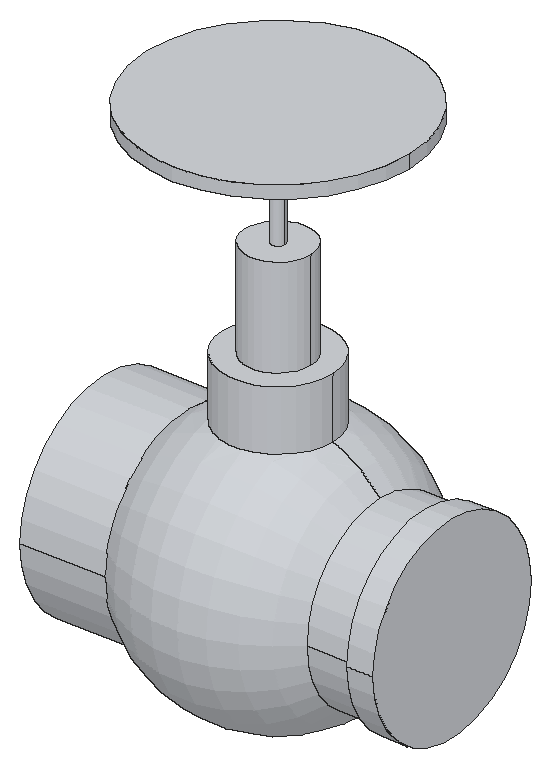
Revit family "M_Conexão da mangueira - Válvula globo", category Equipamento mecânico, Revit 2019
Family settings
  Cota do conector redondo = Usar raio
  Tipo de parte = Normal
  Número OmniClass = 23.65.70.17.11
  Título OmniClass = Fire Fighting Terminal Components
  ID de item do Seek = Hose Connection - Globe Valve-0000-CAN-ENU
  Com base no plano de trabalho = Não
  Sempre na vertical = Sim
  Corte com vazios quando carregada = Não
  Compartilhado = Não
  Ponto de cálculo do ambiente = Não
Parameters (values of type "65 mm")
  Material da válvula = none
  Comprimento da válvula = 168 mm
  Diâmetro externo = Raio externo * 2  # 101.6 mm
  Diâmetro da conexão da mangueira = Raio da conexão da mangueira * 2  # 89 mm
  Diâmetro da maçaneta do registro = Raio da maçaneta do registro * 2  # 127 mm
  Pressão do fluxo [instance] = 0.0 Pa
  Raio da embalagem = Diâmetro da embalagem / 2  # 15.96 mm
  Altura da embalagem = 1.5 * Diâmetro da embalagem  # 47.88 mm
  Diâmetro da embalagem = 0.24 * Diâmetro do corpo  # 31.92 mm
  Comprimento 1 = Comprimento da válvula * 0.5  # 84 mm
  Raio externo = 50.8 mm
  Raio nominal = 32.5 mm
  Diâmetro nominal = Raio nominal * 2  # 65 mm
  Raio da conexão da mangueira 1 = Raio da conexão da mangueira + 3 mm  # 47.5 mm
  Raio da conexão da mangueira = 44.5 mm
  Altura 1 = 198.4 mm
  Raio da maçaneta do registro = 63.5 mm
  Fluxo [instance] = 0.0 L/s
  Raio do corpo = Diâmetro do corpo / 2  # 66.5 mm
  Raio da junta = Diâmetro da junta / 2  # 26.6 mm
  Altura da junta 1 = Altura da junta  # 29.792 mm
  Altura da junta = 0.56 * Diâmetro da junta  # 29.792 mm
  Diâmetro da junta = 0.4 * Diâmetro do corpo  # 53.2 mm
  Diâmetro do corpo = 133 mm
Reference planes
  plane 1 "Centro (Frente/Trás)": y = 0
  plane 2: z = 0
  plane 3 "Centro (Esquerda/Direita)": x = 0
  plane 4: x = 84
  plane 5: x = 168
  plane 6: x = 155.3
  plane 7: z = 90.195
  plane 8: z = 138.075
  plane 9: z = 192.05
  plane 10: z = 198.4
  plane 11: y = 50.8
  plane 12: y = -50.8
  plane 13: y = 44.5
  plane 14: y = -44.5
  plane 15: y = 47.5
  plane 16: y = -47.5
  plane 17: x = 168
Forms (mm)
  Revolve 1, solid, material <- "Material da válvula", detail levels fine
    sketch origin (0, 0, 0) x (1, 0, 0) y (0, 0, 1)
      loop
        arc (150.5, 0) -> (84, 66.5) -> (17.5, 0) r 66.5
        line (17.5, 0) -> (150.5, 0)
      axis (17.5, 0) -> (150.5, 0)
    angle from 0 to 360
  Extrusion 2, solid, material <- "Material da válvula", detail levels fine
    sketch origin (0, 0, 0) x (0, 1, 0) y (0, 0, 1)
      loop
        circle (0, 0) r 50.8
    from 84 to 0
  Extrusion 3, solid, material <- "Material da válvula", detail levels fine
    sketch origin (0, 0, 0) x (0, 1, 0) y (0, 0, 1)
      loop
        circle (0, 0) r 44.5
    from 84 to 168
  Extrusion 4, solid, material <- "Material da válvula", detail levels fine
    sketch origin (0, 0, 0) x (0, 1, 0) y (0, 0, 1)
      loop
        circle (0, 0) r 47.5
    from 155.3 to 168
  Extrusion 5, solid, material <- "Material da válvula", detail levels fine
    sketch origin (0, 0, 0) x (1, 0, 0) y (0, 1, 0)
      loop
        circle (84, 0) r 26.6
    from 0 to 90.195
  Extrusion 6, solid, material <- "Material da válvula", detail levels fine
    sketch origin (0, 0, 0) x (1, 0, 0) y (0, 1, 0)
      loop
        circle (84, 0) r 15.96
    from 90.195 to 138.075
  Extrusion 7, solid, material <- "Material da válvula", detail levels fine
    sketch origin (0, 0, 0) x (1, 0, 0) y (0, 1, 0)
      loop
        circle (84, 0) r 3.175
    from 138.075 to 192.05
  Extrusion 8, solid, material <- "Material da válvula", detail levels fine
    sketch origin (0, 0, 0) x (1, 0, 0) y (0, 1, 0)
      loop
        circle (84, 0) r 63.5
    from 192.05 to 198.4
Cuts and joins
  joined: Revolve 1, Extrusion 2, Extrusion 3, Extrusion 4, Extrusion 5, Extrusion 6, Extrusion 7, Extrusion 8
Lines and regions (mm)
  symbolic lines, detail levels coarse+medium
    curve 1: line (20.638, 0, 0) -> (0, 0, 0)
  symbolic lines, detail levels fine
    curve 2: line (0, 50.8, 0) -> (0, -50.8, 0)
    curve 3: line (0, -50.8, 0) -> (41.149, -50.8, 0)
    curve 4: line (0, 50.8, 0) -> (41.149, 50.8, 0)
    curve 5: line (155.3, 44.5, 0) -> (133.389, 44.5, 0)
    curve 6: line (155.3, -44.5, 0) -> (133.389, -44.5, 0)
    curve 7: line (155.3, 47.5, 0) -> (155.3, -47.5, 0)
    curve 8: line (155.3, -47.5, 0) -> (168, -47.5, 0)
    curve 9: line (168, -47.5, 0) -> (168, 47.5, 0)
    curve 10: line (168, 47.5, 0) -> (155.3, 47.5, 0)
    curve 11: line (41.149, 50.8, 0) -> (41.149, 46.611, 0)
    curve 12: line (41.149, -50.8, 0) -> (41.149, -46.611, 0)
    curve 13: line (133.389, -44.5, 0) -> (133.389, -39.792, 0)
    curve 14: line (133.389, 44.5, 0) -> (133.389, 39.792, 0)
  model lines, detail levels coarse+medium
    curve 15: circle (84, 0, 0) r 84 normal (0, -1, 0)
    curve 16: line (0, 0, 198.4) -> (168, 0, 198.4)
    curve 17: line (84, 0, 84) -> (84, 0, 198.4)
Dimensions and locks
  "Comprimento 1": plane 4 to plane 3 "Centro (Esquerda/Direita)"
  "Comprimento da válvula": plane 5 to plane 3 "Centro (Esquerda/Direita)"
  locked: plane 5 to plane 6 at 12.7
  "Altura da embalagem": plane 8 to plane 7
  "Altura 1": plane 10 to plane 2
  locked: plane 10 to plane 9 at 6.35
  locked: plane 9 to plane 8 at 53.975
  "Raio externo": plane 11 to plane 1 "Centro (Frente/Trás)"
  "Raio externo": plane 12 to plane 1 "Centro (Frente/Trás)"
  "Raio da conexão da mangueira": plane 13 to plane 1 "Centro (Frente/Trás)"
  "Raio da conexão da mangueira": plane 14 to plane 1 "Centro (Frente/Trás)"
  "Raio da conexão da mangueira 1": plane 15 to plane 1 "Centro (Frente/Trás)"
  "Raio da conexão da mangueira 1": plane 16 to plane 1 "Centro (Frente/Trás)"
  "Comprimento 1": plane 17 to plane 4
  "Raio do corpo": radius of Revolve 1 sketch curve
  "Raio externo": radius of Extrusion 2 sketch curve
  "Raio da conexão da mangueira": radius of Extrusion 3 sketch curve
  "Raio da conexão da mangueira 1": radius of Extrusion 4 sketch curve
  "Raio da junta": radius of Extrusion 5 sketch curve
  "Raio da embalagem": radius of Extrusion 6 sketch curve
  radius of Extrusion 7 sketch curve = 3.175 mm
  "Raio da maçaneta do registro": radius of Extrusion 8 sketch curve
  "Comprimento 1": radius of curve 15
  aligned and locked: plane 4 to Revolve 1 sketch curve
  aligned and locked: plane 2 to Revolve 1 sketch curve
  aligned and locked: Revolve 1 sketch curve to level
  aligned and locked: plane 1 "Centro (Frente/Trás)" to Extrusion 2 sketch curve
  aligned and locked: plane 2 to Extrusion 2 sketch curve
  aligned and locked: Extrusion 2 to plane 4
  aligned and locked: Extrusion 2 to plane 3 "Centro (Esquerda/Direita)"
  aligned and locked: plane 1 "Centro (Frente/Trás)" to Extrusion 3 sketch curve
  aligned and locked: plane 2 to Extrusion 3 sketch curve
  aligned and locked: Extrusion 3 to plane 4
  aligned and locked: plane 5 to Extrusion 3
  aligned and locked: plane 1 "Centro (Frente/Trás)" to Extrusion 4 sketch curve
  aligned and locked: plane 2 to Extrusion 4 sketch curve
  aligned and locked: Extrusion 4 to plane 6
  aligned and locked: plane 5 to Extrusion 4
  aligned and locked: plane 4 to Extrusion 5 sketch curve
  aligned and locked: plane 1 "Centro (Frente/Trás)" to Extrusion 5 sketch curve
  aligned and locked: Extrusion 5 to level
  aligned and locked: plane 7 to Extrusion 5
  aligned and locked: plane 4 to Extrusion 6 sketch curve
  aligned and locked: plane 1 "Centro (Frente/Trás)" to Extrusion 6 sketch curve
  aligned and locked: plane 4 to Extrusion 7 sketch curve
  aligned and locked: plane 1 "Centro (Frente/Trás)" to Extrusion 7 sketch curve
  aligned and locked: plane 8 to Extrusion 7
  aligned and locked: plane 9 to Extrusion 7
  aligned and locked: plane 4 to Extrusion 8 sketch curve
  aligned and locked: plane 1 "Centro (Frente/Trás)" to Extrusion 8 sketch curve
  aligned and locked: Extrusion 8 to plane 9
  aligned and locked: Extrusion 8 to plane 10
  aligned and locked: Extrusion 6 to plane 8
  aligned and locked: Extrusion 6 to plane 7
  aligned and locked: plane 2 to curve 15
  aligned and locked: plane 10 to curve 16
  aligned and locked: plane 4 to curve 17
  aligned and locked: plane 10 to curve 17
  aligned and locked: plane 3 "Centro (Esquerda/Direita)" to curve 16
  aligned and locked: plane 5 to curve 16
Automatic sketch dimensions
  Revolve 1 sketch curve to Revolve 1 sketch curve = 107.95 mm
  Revolve 1 sketch curve to Revolve 1 sketch curve = 177.8 mm
  curve 3 to plane 3 "Centro (Esquerda/Direita)" = 0 mm
  curve 3 to plane 12 = 0 mm
  curve 11 to plane 11 = 0 mm
  curve 6 to plane 14 = 0 mm
  curve 14 to plane 13 = 0 mm
  curve 5 to plane 6 = 0 mm
  curve 9 to plane 5 = 0 mm
  curve 9 to plane 16 = 0 mm
  curve 1 to plane 1 "Centro (Frente/Trás)" = 0 mm
  curve 10 to plane 15 = 0 mm
  plane 3 "Centro (Esquerda/Direita)" to curve 1 = 20.638 mm
  curve 12 to plane 16 = 0.889 mm
  curve 14 to plane 13 = 4.708 mm
  curve 11 to plane 15 = 0.889 mm
  plane 3 "Centro (Esquerda/Direita)" to curve 4 = 41.149 mm
  curve 14 to plane 6 = 21.911 mm
  plane 3 "Centro (Esquerda/Direita)" to curve 3 = 41.149 mm
  curve 6 to plane 6 = 21.911 mm
  curve 6 to curve 13 = 4.708 mm
  curve 15 to plane 4 = 0 mm
Connectors
  piping at (0, 0, 0), diameter 65, driven by "Pressão do fluxo", driven by "Raio nominal", driven by "Fluxo"
    settings: on cut or joined group of Revolve 1, Extrusion 2, Extrusion 3, Extrusion 4, Extrusion 5, Extrusion 6, Extrusion 7, Extrusion 8, index 1, connector inside diameter 65 mm, connector length 0 mm, flow factor 0, pipe flow 0.0 L/s, pressure drop 0.0 Pa, fitting loss kfactor 0, connector angle 0.00°, fixture units 0, engagement length 0 mm, angle of deflection 0.00°, flow configuration 1, flow direction 1, fitting loss method 4, system type 29, joint type 0, gender type 0, connector reference index -1, connector utility 0, adjustable connector no, is connector primary yes, connector description "In"
